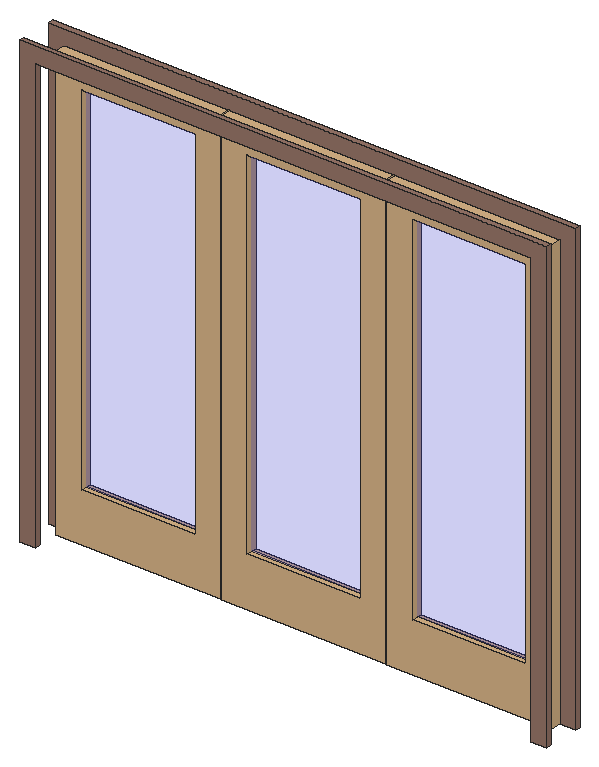
Revit family "0082_M_DR_W_triple-glass 1", category 문, Revit 2026
Family settings
  호스트 = 벽
  항상 수직 = 예
  로드될 때 보이드를 사용하여 절단 = 아니오
  공유 = 아니오
  룸 계산 점 = 아니오
Parameters (values of type "96" x 84"")
  두께 = 0' - 2"
  조합 코드 = "C1020"
  기능 = 내부
  Door Material = Door - Panel
  Frame Material = Door - Frame
  Height = 7' - 0"
  Rail Width - Base = 0' - 9 1/2"
  Rail Width - Top = 0' - 5"
  Stile Width = 0' - 5"
  Trim Projection = 0' - 1"
  Trim Width = 0' - 3"
  벽 마무리 = 호스트별
  Width = 8' - 0"
  Panel Width = Width / 3  # 2' - 8"
Types (5): name | 두께 | 조합 코드 | Height | Rail Width - Base | Rail Width - Top | Stile Width | Trim Projection | Trim Width | Width | Panel Width
  108" x 84" | 0' - 2" | "C1020" | 7' - 0" | 0' - 9 1/2" | 0' - 5" | 0' - 5" | 0' - 1" | 0' - 3" | 9' - 0" | 3' - 0"
  96" x 80" | 0' - 2" | "C1020" | 6' - 8" | 0' - 9 1/2" | 0' - 5" | 0' - 5" | 0' - 1" | 0' - 3" | 8' - 0" | 2' - 8"
  96" x 84" | 0' - 2" | "C1020" | 7' - 0" | 0' - 9 1/2" | 0' - 5" | 0' - 5" | 0' - 1" | 0' - 3" | 8' - 0" | 2' - 8"
  108" x 82" | 0' - 2" | "C1020" | 6' - 10" | 0' - 9 1/2" | 0' - 5" | 0' - 5" | 0' - 1" | 0' - 3" | 9' - 0" | 3' - 0"
  2438 x 2134mm | 0' - 1.9685" | 0' - 0" | 7' - 0.01575" | 0' - 9.44882" | 0' - 4.92126" | 0' - 4.92126" | 0' - 0.98425" | 0' - 2.95276" | 7' - 11.98425" | 2' - 7.99475"
Reference planes (in)
  plane 1: y = 0
  plane 2: z = 0
  plane 3: x = 0
  plane 4: x = -48
  plane 5: x = 48
  plane 6: z = 84
  plane 7: z = 42
  plane 8: z = 9.5
  plane 9: z = 79
  plane 10: x = 16
  plane 11: x = -16
  plane 12: x = 43
  plane 13: x = 11
  plane 14: x = -11
  plane 15: x = -43
  plane 16: x = 21
  plane 17: x = -21
Forms (in)
  Extrusion 1, solid, material "Door - Panel" <- "Door Material"
    sketch origin (0, 0, 0) x (1, 0, 0) y (0, 0, 1)
      loop
        line (-48, 84) -> (-48, 0) -> (-16.125, 0) -> (-16.125, 84) -> (-48, 84)
      loop
        line (48, 84) -> (16.125, 84) -> (16.125, 0) -> (48, 0) -> (48, 84)
      loop
        line (-43, 79) -> (-43, 9.5) -> (-21, 9.5) -> (-21, 79) -> (-43, 79)
      loop
        line (21, 79) -> (21, 9.5) -> (43, 9.5) -> (43, 79) -> (21, 79)
      loop
        line (11, 79) -> (-11, 79) -> (-11, 9.62483) -> (11, 9.62483) -> (11, 79)
      loop
        line (15.875, 84) -> (-15.875, 84) -> (-15.875, 0) -> (15.875, 0) -> (15.875, 84)
    from -3.09375 to -1.09375
  Extrusion 2, solid, material "Glass"
    sketch origin (0, 0, 0) x (1, 0, 0) y (0, 0, 1)
      loop
        line (21, 79) -> (21, 9.5) -> (43, 9.5) -> (43, 79) -> (21, 79)
      loop
        line (11, 79) -> (-11, 79) -> (-11, 9.62483) -> (11, 9.62483) -> (11, 79)
      loop
        line (-21, 79) -> (-43, 79) -> (-43, 9.5) -> (-21, 9.5) -> (-21, 79)
    from -2.375 to -2.09375
  Extrusion 3, solid, material "Door - Frame" <- "Frame Material"
    sketch origin (-93.06215, 3.09375, 0) x (-1, 0, 0) y (0, 0, 1)
      loop
        line (-141.06215, 0) -> (-141.06215, 84) -> (-45.06215, 84) -> (-45.06215, 0) -> (-42.06215, 0) -> (-42.06215, 87) -> (-144.06215, 87) -> (-144.06215, 0) -> (-141.06215, 0)
    from 0 to 1
  Extrusion 4, solid, material "Door - Frame" <- "Frame Material"
    sketch origin (-93.06215, -2.90625, 0) x (1, 0, 0) y (0, 0, 1)
      loop
        line (141.06215, 0) -> (144.06215, 0) -> (144.06215, 87) -> (42.06215, 87) -> (42.06215, 0) -> (45.06215, 0) -> (45.06215, 84) -> (141.06215, 84) -> (141.06215, 0)
    from 0 to 1
Lines and regions (in)
  Opening 1
    outline origin (-60, -2.90625, 144) x (0, 0, -1) y (1, 0, 0)
      loop
        line (60, 12) -> (144, 12) -> (144, 108) -> (60, 108) -> (60, 12)
  model lines
    curve 1: line (0, 0, 84) -> (0, 0, 84)
    curve 2: line (0, 0, 84) -> (0, 0, 84)
    curve 3: line (0, 0, 84) -> (0, 0, 84)
    curve 4: line (0, 0, 84) -> (0, 0, 84)
  symbolic lines, style "Elevation Swing"
    curve 5: line (-15.875, 0, 84) -> (16.125, 0, 42)
    curve 6: line (16.125, 0, 42) -> (-15.875, 0, 0)
  symbolic lines, style "DoorsPanelProjection"
    curve 7: line (-16, 3.09375, 0) -> (-16, 8.09375, 0)
    curve 8: line (-16, 35.09375, 0) -> (-14, 35.09375, 0)
    curve 9: line (-14, 35.09375, 0) -> (-14, 30.09375, 0)
    curve 10: line (-14, 3.09375, 0) -> (-16, 3.09375, 0)
    curve 11: line (-16, 8.09375, 0) -> (-14, 8.09375, 0)
    curve 12: line (-16, 30.09375, 0) -> (-14, 30.09375, 0)
    curve 15: line (-16, 30.09375, 0) -> (-16, 35.09375, 0)
    curve 16: line (-14, 30.09375, 0) -> (-14, 8.09375, 0)
    curve 17: line (-14, 8.09375, 0) -> (-14, 3.09375, 0)
    curve 18: line (-16, 8.09375, 0) -> (-16, 30.09375, 0)
    curve 19: line (-48, 3.09375, 0) -> (-43, 3.09375, 0)
    curve 20: line (-48, 1.09375, 0) -> (-48, 3.09375, 0)
    curve 21: line (-43, 1.09375, 0) -> (-48, 1.09375, 0)
    curve 22: line (-43, 3.09375, 0) -> (-43, 1.09375, 0)
    curve 23: line (-21, 3.06771, 0) -> (-16.125, 3.06771, 0)
    curve 24: line (-21, 1.09375, 0) -> (-21, 3.06771, 0)
    curve 25: line (-16.125, 1.09375, 0) -> (-21, 1.09375, 0)
    curve 26: line (-16.125, 3.06771, 0) -> (-16.125, 1.09375, 0)
    curve 27: line (-43, 1.09375, 0) -> (-21, 1.09375, 0)
    curve 28: line (-43, 3.09375, 0) -> (-21, 3.09375, 0)
    curve 31: line (21, 3.09375, 0) -> (43, 3.09375, 0)
    curve 32: line (21, 1.09375, 0) -> (43, 1.09375, 0)
    curve 33: line (43, 3.09375, 0) -> (48, 3.09375, 0)
    curve 34: line (43, 1.09375, 0) -> (43, 3.09375, 0)
    curve 35: line (48, 1.09375, 0) -> (43, 1.09375, 0)
    curve 36: line (48, 3.09375, 0) -> (48, 1.09375, 0)
    curve 37: line (16.125, 3.09375, 0) -> (21, 3.09375, 0)
    curve 38: line (16.125, 1.09375, 0) -> (16.125, 3.09375, 0)
    curve 39: line (21, 1.09375, 0) -> (16.125, 1.09375, 0)
    curve 40: line (21, 3.09375, 0) -> (21, 1.09375, 0)
  symbolic lines, style "Plan Swing"
    curve 13: arc (-16, 35.09375, 0) -> (6.62742, 25.72117, 0) -> (16, 3.09375, 0) r 32
  symbolic lines, style "DoorsGlassProjection"
    curve 14: line (-15, 8.09375, 0) -> (-15, 30.09375, 0)
    curve 29: line (-43, 2.09375, 0) -> (-21, 2.09375, 0)
    curve 30: line (21, 2.09375, 0) -> (43, 2.09375, 0)
Text (in)
  text "Exterior" at (-78.76614, 13.86463, 0), in view "Ground floor"
Dimensions and locks (in)
  equal spacing: plane 4, plane 3, plane 5
  "Width": plane 4 to plane 5
  "Height": plane 6 to plane 2
  equal spacing: plane 2, plane 7, plane 6
  "Trim Width": Extrusion 3 sketch curve to Extrusion 1  (x2)
  "Trim Width": Extrusion 3 sketch curve to plane 6
  "Trim Projection": Extrusion 3 to host wall
  "Trim Width": Extrusion 4 sketch curve to plane 5
  "Trim Width": Extrusion 4 sketch curve to plane 4
  "Trim Width": Extrusion 4 sketch curve to plane 6
  "Trim Projection": Extrusion 4 to Extrusion 4
  "두께": Extrusion 1 to host wall
  "Rail Width - Base": plane 2 to plane 8
  "Rail Width - Top": plane 9 to plane 6
  locked: host wall to Extrusion 2 at 0.71875
  locked: Extrusion 2 to Extrusion 2 at 0.28125
  equal spacing: plane 4, plane 11, plane 10, plane 5
  "Stile Width": plane 12 to plane 5
  "Stile Width": plane 4 to plane 15
  "Stile Width": plane 10 to plane 16
  "Stile Width": plane 13 to plane 10
  "Stile Width": plane 11 to plane 14
  "Stile Width": plane 17 to plane 11
  Extrusion 1 sketch curve to plane 10 to Extrusion 1 sketch curve = 0' - 0 1/8" locked, 0' - 0 1/8" locked
  Extrusion 1 sketch curve to plane 11 to Extrusion 1 sketch curve = 0' - 0 1/8" locked, 0' - 0 1/8" locked
  "두께": plane 11 to curve 9
  "Stile Width": curve 12 to curve 8
  "Stile Width": curve 10 to curve 11
  "Panel Width": curve 10 to curve 8
  aligned and locked: plane 6 to Extrusion 3 sketch curve  (x2)
  aligned and locked: plane 2 to Extrusion 3 sketch curve
  aligned and locked: level to Extrusion 3 sketch curve
  aligned and locked: Extrusion 3 to host wall
  aligned and locked: level to Extrusion 4 sketch curve
  aligned and locked: plane 2 to Extrusion 4 sketch curve
  aligned and locked: plane 6 to Extrusion 4 sketch curve  (x2)
  aligned and locked: plane 5 to Extrusion 4 sketch curve
  aligned and locked: host wall to Extrusion 1
  aligned and locked: plane 12 to Extrusion 1 sketch curve
  aligned and locked: plane 16 to Extrusion 1 sketch curve
  aligned and locked: plane 17 to Extrusion 1 sketch curve
  aligned and locked: plane 13 to Extrusion 1 sketch curve
  aligned and locked: Extrusion 1 sketch curve to plane 9
  aligned and locked: plane 14 to Extrusion 1 sketch curve
  aligned and locked: plane 12 to Extrusion 2 sketch curve
  aligned and locked: plane 16 to Extrusion 2 sketch curve
  aligned and locked: Extrusion 1 to Extrusion 2 sketch curve  (x2)
  aligned and locked: Extrusion 2 sketch curve to Extrusion 1  (x4)
  aligned and locked: plane 8 to Extrusion 2 sketch curve
  aligned and locked: plane 15 to Extrusion 2 sketch curve
  aligned and locked: plane 15 to Extrusion 1 sketch curve
  aligned and locked: host wall to curve 19
  aligned and locked: curve 22 to Extrusion 1
  aligned and locked: curve 21 to Extrusion 1
  aligned and locked: curve 19 to Extrusion 1
  aligned and locked: curve 23 to Extrusion 1
  aligned and locked: Extrusion 1 to curve 26
  aligned and locked: curve 26 to Extrusion 1
  aligned and locked: Extrusion 1 to curve 36
  aligned and locked: curve 36 to Extrusion 1
  aligned and locked: curve 34 to plane 12
  aligned and locked: curve 37 to Extrusion 1
  aligned and locked: curve 40 to Extrusion 1
  aligned and locked: curve 13 to curve 37
  aligned and locked: curve 39 to Extrusion 1
Automatic sketch dimensions
  Opening 1 sketch curve to plane 6 = 0' - 0"
  Opening 1 sketch curve to level = 0' - 0"
  Opening 1 sketch curve to plane 4 = 0' - 0"
  Opening 1 sketch curve to plane 5 = 0' - 0"
  Extrusion 3 sketch curve to plane 5 = 0' - 0"
  Extrusion 3 sketch curve to plane 4 = 0' - 0"
  Extrusion 4 sketch curve to plane 4 = 0' - 0"
  Extrusion 2 sketch curve to plane 8 = 0' - 0"
  Extrusion 2 sketch curve to plane 9 = 0' - 0"
  Extrusion 1 sketch curve to plane 4 = 0' - 0"
  Extrusion 1 sketch curve to plane 6 = 0' - 0"  (x3)
  Extrusion 1 sketch curve to level = 0' - 0"  (x3)
  Extrusion 1 sketch curve to plane 5 = 0' - 0"
  Extrusion 1 sketch curve to plane 8 = 0' - 0"  (x2)
  Extrusion 1 sketch curve to plane 9 = 0' - 0"  (x2)
  Extrusion 1 sketch curve to plane 8 = 0' - 0.12483"
  curve 4 to plane 3 = 0' - 0"
  curve 4 to plane 6 = 0' - 0"
  curve 2 to plane 3 = 0' - 0"  (x2)
  curve 2 to plane 6 = 0' - 0"  (x2)
  curve 3 to plane 3 = 0' - 0"
  curve 3 to plane 6 = 0' - 0"
  curve 5 to plane 6 = 0' - 0"
  curve 6 to plane 7 = 0' - 0"
  curve 6 to level = 0' - 0"
  plane 11 to curve 5 = 0' - 0 1/8"
  plane 11 to curve 6 = 0' - 0 1/8"
  plane 10 to curve 5 = 0' - 0 1/8"
  curve 28 to plane 17 = 0' - 0"
  curve 7 to plane 11 = 0' - 0"
  curve 13 to host wall = 0' - 0"
  curve 13 to plane 10 = 0' - 0"
  plane 11 to curve 14 = 0' - 1"
  curve 24 to curve 29 = 0' - 1"
  curve 30 to host wall = 0' - 1"
  curve 23 to host wall = 0' - 0.02604"
